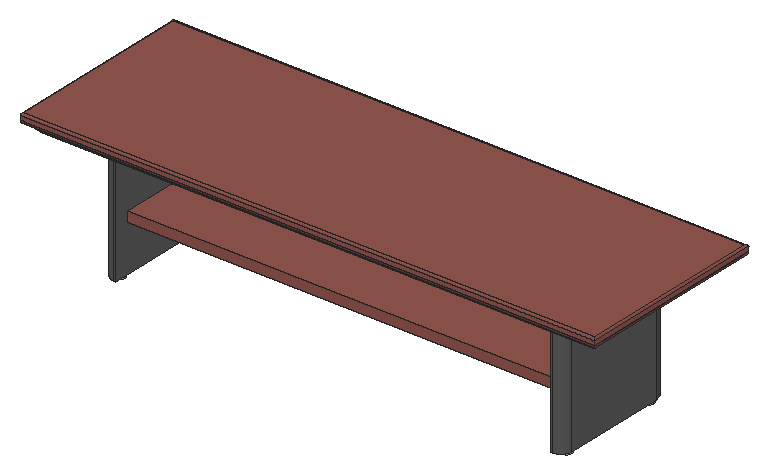
Revit family
Parameters (values of type "1800x600x450mm")
  Manufacturer = ""
  Model = ""
  다리 지지 재료 = 플라스틱 - 회색
  다리 재료 = 플라스틱 - 회색
  면 지지 재료 = 플라스틱 - 회색
  면 재료 = 목재 - 벚나무, 빨간색, 폭
  폭 = 1800 mm
  높이 = 450 mm
  깊이 = 600 mm
Types (4, lengths in mm): name | 폭
  (no name) | 1800
  1500x600x450mm | 1500
  1200x600x450mm | 1200
  1800x600x450mm | 1800
Reference planes
  plane 1 "중심(앞/뒤)": y = 0
  plane 2: z = 0
  plane 3 "중심(왼쪽/오른쪽)": x = 0
  plane 4: x = -900
  plane 5: x = 900
  plane 6: y = 300
  plane 7: y = -300
  plane 8: z = 450
  plane 9: z = 10
  plane 10: z = 390
  plane 11: z = 420
  plane 12: x = -890
  plane 13: y = 290
  plane 14: y = -290
  plane 15: x = 890
  plane 16: y = 260
  plane 17: x = -860
  plane 18: x = 860
  plane 19: y = -260
  plane 20: x = -720
  plane 21: x = -680
  plane 22: x = 720
  plane 23: x = 680
  plane 24: z = 190
  plane 25: z = 160
  plane 26: y = 300
  plane 27: y = -300
Forms (mm)
  Extrusion 1, solid, material "플라스틱 - 회색" <- "다리 재료"
    sketch origin (0, 0, 0) x (1, 0, 0) y (0, 1, 0)
      loop
        line (-720, 166.275) -> (-720, -166.275)
        arc (-720, -166.275) -> (-710.122, -190.122) -> (-686.275, -200) r 33.725
        line (-686.275, -200) -> (-680, -200) -> (-680, 200) -> (-686.275, 200)
        arc (-686.275, 200) -> (-710.122, 190.122) -> (-720, 166.275) r 33.725
      loop
        arc (720, 166.275) -> (710.122, 190.122) -> (686.275, 200) r 33.725
        line (686.275, 200) -> (680, 200) -> (680, -200) -> (686.275, -200)
        arc (686.275, -200) -> (710.122, -190.122) -> (720, -166.275) r 33.725
        line (720, -166.275) -> (720, 166.275)
    from 10 to 390
  Extrusion 2, solid, material "목재 - 벚나무, 빨간색, 폭" <- "면 재료"
    sketch origin (0, 0, 0) x (1, 0, 0) y (0, 1, 0)
      loop
        line (-900, 300) -> (-900, -300) -> (900, -300) -> (900, 300) -> (-900, 300)
    from 420 to 450
  Blend 3, solid, material "플라스틱 - 회색" <- "면 지지 재료"
    base sketch origin (300, 0, 0) x (1, 0, 0) y (0, 1, 0)
      loop
        line (-1160, 260) -> (-1160, -260) -> (560, -260) -> (560, 260) -> (-1160, 260)
    top sketch origin (300, 0, 0) x (1, 0, 0) y (0, 1, 0)
      loop
        line (-1190, 290) -> (-1190, -290) -> (590, -290) -> (590, 290) -> (-1190, 290)
    from 390 to 420
  Extrusion 4, solid, material "목재 - 벚나무, 빨간색, 폭" <- "면 재료"
    sketch origin (0, 39.101, 0) x (1, 0, 0) y (0, 1, 0)
      loop
        line (-680, 120.899) -> (-680, -199.101) -> (680, -199.101) -> (680, 120.899) -> (-680, 120.899)
    from 160 to 190
  Sweep 5, void
    path origin (0, 0, 0) x (1, 0, 0) y (0, 1, 0)
      loop
        line (-900, 300) -> (-900, -300) -> (900, -300) -> (900, 300) -> (-900, 300)
    profile origin (0, 0, 0) x (0, 1, 0) y (0, 0, 1)
      loop
        line (301.59, 419.016) -> (301.59, 450.833) -> (290.787, 450.833)
        arc (290.787, 450.833) -> (297.302, 448.134) -> (300, 441.62) r 9.213
        line (300, 441.62) -> (300, 427.335)
        arc (300, 427.335) -> (297.563, 421.452) -> (291.681, 419.016) r 8.319
        line (291.681, 419.016) -> (301.59, 419.016)
  Extrusion 6, solid, material "플라스틱 - 회색" <- "다리 지지 재료"
    sketch origin (0, 0, 0) x (1, 0, 0) y (0, 1, 0)
      loop
        circle (-700, 159.469) r 15
      loop
        circle (700, 159.469) r 15
      loop
        circle (700, -159.469) r 15
      loop
        circle (-700, -159.469) r 15
    from 0 to 10
Cuts and joins
  Sweep 5 cuts Extrusion 1
  Sweep 5 cuts Extrusion 2
  Sweep 5 cuts Blend 3
  Sweep 5 cuts Extrusion 4
Dimensions and locks
  "높이": plane 8 to level
  "폭": plane 4 to plane 5
  "깊이": plane 7 to plane 6
  equal spacing: plane 4, plane 3 "중심(왼쪽/오른쪽)", plane 5
  equal spacing: plane 7, plane 1 "중심(앞/뒤)", plane 6
  locked: plane 13 to plane 6 at 10
  locked: plane 7 to plane 14 at 10
  plane 20 to plane 21 = 40 mm
  plane 23 to plane 22 = 40 mm
  plane 17 to plane 20 = 140 mm
  plane 12 to plane 17 = 30 mm
  locked: plane 4 to plane 12 at 10
  plane 22 to plane 18 = 140 mm
  locked: plane 18 to plane 15 at 30
  locked: plane 15 to plane 5 at 10
  locked: plane 16 to plane 13 at 30
  locked: plane 14 to plane 19 at 30
  aligned and locked: Blend 3 to Extrusion 1  (x2)
  aligned and locked: plane 12 to Blend 3
  aligned and locked: Blend 3 to plane 15
  aligned and locked: plane 13 to Blend 3
  aligned and locked: plane 14 to Blend 3
  aligned and locked: Extrusion 1 sketch curve to cut or joined group of Extrusion 4, Sweep 5
Automatic sketch dimensions
  Extrusion 2 sketch curve to plane 4 = 0 mm
  Extrusion 2 sketch curve to plane 5 = 0 mm
  Extrusion 2 sketch curve to plane 7 = 0 mm
  Extrusion 2 sketch curve to plane 6 = 0 mm
  Blend 3 sketch curve to plane 17 = 0 mm
  Blend 3 sketch curve to plane 18 = 0 mm
  Blend 3 sketch curve to plane 19 = 0 mm
  Blend 3 sketch curve to plane 16 = 0 mm
  Blend 3 sketch curve to plane 12 = 0 mm
  Blend 3 sketch curve to plane 14 = 0 mm
  Blend 3 sketch curve to plane 15 = 0 mm
  Blend 3 sketch curve to plane 13 = 0 mm
  Extrusion 4 sketch curve to plane 21 = 0 mm
  Extrusion 4 sketch curve to plane 23 = 0 mm
  Extrusion 4 sketch curve to plane 19 = 100 mm
  plane 16 to Extrusion 4 sketch curve = 100 mm
  Sweep 5 sketch curve to plane 4 = 0 mm
  Sweep 5 sketch curve to plane 5 = 0 mm
  Sweep 5 sketch curve to plane 7 = 0 mm
  Sweep 5 sketch curve to plane 6 = 0 mm
  Sweep 5 sketch curve to profile plane = 0 mm
  profile plane to Sweep 5 sketch curve = 8.319 mm
  profile plane to Sweep 5 sketch curve = 9.213 mm
  Sweep 5 sketch curve to profile plane = 1.59 mm
  level to Sweep 5 sketch curve = 419.016 mm
  Sweep 5 sketch curve to Sweep 5 sketch curve = 14.285 mm
  Extrusion 1 sketch curve to plane 20 = 0 mm
  plane 21 to Extrusion 1 sketch curve = 6.275 mm  (x2)
  Extrusion 1 sketch curve to plane 19 = 60 mm  (x2)
  plane 16 to Extrusion 1 sketch curve = 93.725 mm  (x2)
  Extrusion 1 sketch curve to plane 22 = 0 mm
  Extrusion 1 sketch curve to plane 23 = 0 mm
  Extrusion 1 sketch curve to Extrusion 1 sketch curve = 6.275 mm  (x2)
  Extrusion 6 sketch curve to plane 20 = 20 mm  (x2)
  plane 16 to Extrusion 6 sketch curve = 100.531 mm  (x2)
  plane 22 to Extrusion 6 sketch curve = 20 mm  (x2)
  Extrusion 6 sketch curve to plane 19 = 100.531 mm  (x2)
  radius of Extrusion 6 sketch curve = 15 mm  (x4)
